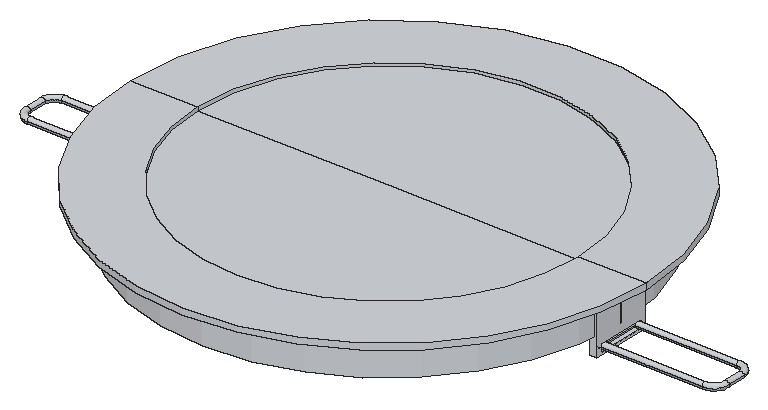
Revit family "0053952", category Lighting Fixtures, host Face, Revit 2017
Family settings
  Host = Face
  Round Connector Dimension = Use Diameter
  Part Type = Normal
  OmniClass Number = 23.80.70.00
  OmniClass Title = Lighting
  Cut with Voids When Loaded = No
  Light Source = Yes
  Shared = No
  Room Calculation Point = No
Parameters (values of type "0053952 SYLFLAT 155 IP44 1000LM 830 DIM")
  Weight = "3.27 kg"
  Wattage Comments = ""
  Wattage = 12 W
  WarrantyStartDate [instance] = "n/a"
  WarrantyGuarantorParts = "n/a"
  WarrantyDurationUnit = "n/a"
  WarrantyDurationParts = "n/a"
  WarrantyDescription = "n/a"
  built-in parameter 1150110 = 1 (stored number, unit not read)
  Voltage = 0 V
  URL = "http://www.sylvania-lighting.com"
  TypeName = "Sylflat 155 IP44 1000lm 830 DIM"
  Type Image = <None>
  Type Comments = "n/a"
  built-in parameter 1114217 = 1 (stored number, unit not read)
  Tilt Angle = -90.00°
  built-in parameter 1150109 = 1 (stored number, unit not read)
  built-in parameter 1150134 = (empty or 0)
  built-in parameter 1150113 = 1 (stored number, unit not read)
  SerialNumber [instance] = "n/a"
  SIZE_203_SYL = 0
  SIZE_155_SYL = 1
  R_DIFF_SYL = if(SIZE_155_SYL = 1, 63.5 mm, if(SIZE_203_SYL = 1, 86.5 mm, 40 mm))  # 63.5 mm
  R2_SYL = if(SIZE_155_SYL = 1, 77.5 mm, if(SIZE_203_SYL = 1, 101.5 mm, 52.5 mm))  # 77.5 mm
  R1_SYL = if(SIZE_155_SYL = 1, 86 mm, if(SIZE_203_SYL = 1, 113 mm, 60 mm))  # 86 mm
  Photometric Web File = "0053952.ies"
  LUM_HEIGHT_SYL = 15 mm - CHAMF_SYL  # 14 mm
  CLIP_SYL = 10 mm
  CLIP_HOLE_SYL = 2.5 mm
  CLIP_HOLE_HE_SYL = 8.5 mm
  CLIP_D_SYL = R2_SYL - 2.5 mm  # 75 mm
  CLIP_DIST_SYL = R2_SYL - 2.5 mm  # 75 mm
  CLIP_CUTOUT_SYL = 19 mm
  CHAMF_SYL = 1 mm
  Material_3_SYL = none
  PowerFactor = 0.9
  PowerConsumption = "12 W"
  NominalLength = 172 mm
  NominalHeight = 21 mm
  NominalDepth = 172 mm
  Name = "Sylflat 155 IP44 1000lm 830 DIM"
  ModelReference = Name  # "Sylflat 155 IP44 1000lm 830 DIM"
  ModelNumber = "0053952"
  Model = Name  # "Sylflat 155 IP44 1000lm 830 DIM"
  Material = "aluminium housing, other diffuser"
  ManufacturerName = "Feilo Sylvania"
  Manufacturer = "Feilo Sylvania"
  LuminousEfficacy = "83 lm/W"
  built-in parameter 1150105 = 79.259 (stored number, unit not read)
  Lumens = 996 lm
  LuminaireType = ""
  built-in parameter 1150115 = 1 (stored number, unit not read)
  LightOutputRatio = "n/a"
  built-in parameter 1150137 = (empty or 0)
  built-in parameter 1150139 = (empty or 0)
  LampsType = Lamp  # "LED"
  LampNominalLuminous = "1000 lm"
  LampMacAdamStep = "3"
  LampColourTemperature = "3000 K"
  LampColourRenderingIndex = "80"
  built-in parameter 1150112 = 1 (stored number, unit not read)
  built-in parameter 1150114 = 1 (stored number, unit not read)
  Lamp = "LED"
  Keynote = "16500"
  InstallationDate [instance] = "n/a"
  InputVoltage = "n/a"
  InputNominalFrequency = "n/a"
  built-in parameter 1150132 = (empty or 0)
  built-in parameter 1150102 = (empty or 0)
  built-in parameter 1150107 = 3000 (stored number, unit not read)
  built-in parameter 1150138 = (empty or 0)
  IngressProtection = "IP44/20"
  ImpactProtectionIndex = "IK06"
  built-in parameter 1150106 = 0.79259 (stored number, unit not read)
  IfcExportType = "IfcLightFixtureType"
  IfcExportAs = "IfcLightFixtureType"
  Emit from Circle Diameter = 609.6 mm
  Emit Shape Visible in Rendering = no
  ElectricShockClassification = "Class II"
  built-in parameter 1150104 = 7.711 (stored number, unit not read)
  DocumentationLiterature = "http://www.sylvania-lighting.com/product/en-int/products/0053952"
  DimmingControlOptions = "n/a"
  Material_2_SYL = none
  Dimming Lamp Color Temperature Shift = <None>
  Description = "Sylflat DIM is an integrated LED recessed downlight with separated phase dimmable driver; 12W; 1000Lm; 83Lm/W; 3000K; IP44 rated from the front; 50,000hrs (L70B50)."
  Default Elevation = 1219.2 mm
  CreatedOn = "8/6/2020"
  CreatedBy = "@sylvania-lighting.com"
  Cost = 0
  Color Filter = 16777215
  built-in parameter 1114216 [instance] = (empty or 0)
  ClassificationValue = "EF_70_80"
  ClassificationName = "Uniclass2015"
  Material_1_SYL = none
  CHAMF_2_SYL = 1 mm
  BarCode [instance] = "n/a"
  built-in parameter 1114218 = 1 (stored number, unit not read)
  built-in parameter 1150133 = 10 (stored number, unit not read)
  AssetType = "Fixed"
  AssetIdentifier [instance] = "n/a"
  Assembly Code = "D5020200"
  Apparent Load = 12 VA
  Material_4_SYL = none
Types (17, lengths in mm): name | Weight | Wattage | TypeName | built-in parameter 1150134 | SIZE_203_SYL | SIZE_155_SYL | R_DIFF_SYL | R2_SYL | R1_SYL | Photometric Web File | CLIP_D_SYL | CLIP_DIST_SYL | PowerFactor | PowerConsumption | NominalLength | NominalHeight | NominalDepth | Name | ModelReference | ModelNumber | Model | Material | LuminousEfficacy | built-in parameter 1150105 | Lumens | LampNominalLuminous | LampMacAdamStep | LampColourTemperature | built-in parameter 1150107 | built-in parameter 1150106 | built-in parameter 1150104 | DocumentationLiterature | Description | Apparent Load
  0053988 SYLFLAT 105 IP44 550LM 830 DIM | "3.555 kg" | 7 W | "Sylflat 105 IP44 550lm 830 DIM" | (empty or 0) | 0 | 1 | 63.5 | 77.5 | 86 | "0053988.ies" | 75 | 75 | 0 | "7 W" | 0 | 0 | 0 | "Sylflat 105 IP44 550lm 830 DIM" | "Sylflat 105 IP44 550lm 830 DIM" | "53988" | "Sylflat 105 IP44 550lm 830 DIM" | "n/a" | "78.57 lm/W" | 43.768 (stored number, unit not read) | 550 lm | "550 lm" | "3" | "3000 K" | 3000 (stored number, unit not read) | 0.43768 (stored number, unit not read) | 7.2995 (stored number, unit not read) | "http://www.sylvania-lighting.com/product/en-int/products/0053988" | "Sylflat DIM is an integrated LED recessed downlight with separated phase dimmable driver; 7W; 550Lm; 79Lm/W; 3000K; IP44 rated from the front; 50,000hrs (L70B50)." | 7 VA
  0053957 SYLFLAT 205 IP44 2250LM 840 DIM | "4.57 kg" | 24 W | "Sylflat 205 IP44 2250lm 840 DIM" | 12 | 1 | 0 | 86.5 | 101.5 | 113 | "0053957.ies" | 99 | 99 | 0.9 | "24 W" | 226 | 21 | 226 | "Sylflat 205 IP44 2250lm 840 DIM" | "Sylflat 205 IP44 2250lm 840 DIM" | "53957" | "Sylflat 205 IP44 2250lm 840 DIM" | "n/a" | "103 lm/W" | 196.72 (stored number, unit not read) | 2472 lm | "2250 lm" | "3" | "4000 K" | 4000 (stored number, unit not read) | 1.9672 (stored number, unit not read) | 9.569 (stored number, unit not read) | "http://www.sylvania-lighting.com/product/en-int/products/0053957" | "Sylflat DIM is an integrated LED recessed downlight with separated phase dimmable driver; 24W; 2250Lm; 103Lm/W; 4000K; IP44 rated from the front; 50,000hrs (L70B50)." | 24 VA
  0053956 SYLFLAT 205 IP44 2200LM 830 DIM | "4.57 kg" | 24 W | "Sylflat 205 IP44 2200lm 830 DIM" | (empty or 0) | 1 | 0 | 86.5 | 101.5 | 113 | "0053956.ies" | 99 | 99 | 0.9 | "24 W" | 226 | 21 | 226 | "Sylflat 205 IP44 2200lm 830 DIM" | "Sylflat 205 IP44 2200lm 830 DIM" | "53956" | "Sylflat 205 IP44 2200lm 830 DIM" | "n/a" | "100 lm/W" | 190.99 (stored number, unit not read) | 2400 lm | "2200 lm" | "3" | "3000 K" | 3000 (stored number, unit not read) | 1.9099 (stored number, unit not read) | 9.2903 (stored number, unit not read) | "http://www.sylvania-lighting.com/product/en-int/products/0053956" | "Sylflat DIM is an integrated LED recessed downlight with separated phase dimmable driver; 24W; 2200Lm; 100Lm/W; 3000K; IP44 rated from the front; 50,000hrs (L70B50)." | 24 VA
  0053955 SYLFLAT 205 IP44 1750LM 840 DIM | "4.57 kg" | 17 W | "Sylflat 205 IP44 1750lm 840 DIM" | 12 | 1 | 0 | 86.5 | 101.5 | 113 | "0053955.ies" | 99 | 99 | 0.9 | "17 W" | 226 | 21 | 226 | "Sylflat 205 IP44 1750lm 840 DIM" | "Sylflat 205 IP44 1750lm 840 DIM" | "53955" | "Sylflat 205 IP44 1750lm 840 DIM" | "aluminium housing, other diffuser" | "103 lm/W" | 139.34 (stored number, unit not read) | 1751 lm | "1750 lm" | "3" | "4000 K" | 4000 (stored number, unit not read) | 1.3934 (stored number, unit not read) | 9.569 (stored number, unit not read) | "http://www.sylvania-lighting.com/product/en-int/products/0053955" | "Sylflat DIM is an integrated LED recessed downlight with separated phase dimmable driver; 17W; 1750Lm; 103Lm/W; 4000K; IP44 rated from the front; 50,000hrs (L70B50)." | 17 VA
  0053954 SYLFLAT 205 IP44 1550LM 830 DIM | "4.57 kg" | 17 W | "Sylflat 205 IP44 1550lm 830 DIM" | (empty or 0) | 1 | 0 | 86.5 | 101.5 | 113 | "0053954.ies" | 99 | 99 | 0.9 | "17 W" | 226 | 21 | 226 | "Sylflat 205 IP44 1550lm 830 DIM" | "Sylflat 205 IP44 1550lm 830 DIM" | "53954" | "Sylflat 205 IP44 1550lm 830 DIM" | "aluminium housing, other diffuser" | "91 lm/W" | 123.11 (stored number, unit not read) | 1547 lm | "1550 lm" | "3" | "3000 K" | 3000 (stored number, unit not read) | 1.2311 (stored number, unit not read) | 8.4542 (stored number, unit not read) | "http://www.sylvania-lighting.com/product/en-int/products/0053954" | "Sylflat DIM is an integrated LED recessed downlight with separated phase dimmable driver; 17W; 1550Lm; 91Lm/W; 3000K; IP44 rated from the front; 50,000hrs (L70B50)." | 17 VA
  0053953 SYLFLAT 155 IP44 1100LM 840 DIM | "3.27 kg" | 12 W | "Sylflat 155 IP44 1100lm 840 DIM" | 12 | 0 | 1 | 63.5 | 77.5 | 86 | "0053953.ies" | 75 | 75 | 0.9 | "12 W" | 172 | 21 | 172 | "Sylflat 155 IP44 1100lm 840 DIM" | "Sylflat 155 IP44 1100lm 840 DIM" | "53953" | "Sylflat 155 IP44 1100lm 840 DIM" | "aluminium housing, other diffuser" | "92 lm/W" | 87.854 (stored number, unit not read) | 1104 lm | "1100 lm" | "3" | "4000 K" | 4000 (stored number, unit not read) | 0.87854 (stored number, unit not read) | 8.5471 (stored number, unit not read) | "http://www.sylvania-lighting.com/product/en-int/products/0053953" | "Sylflat DIM is an integrated LED recessed downlight with separated phase dimmable driver; 12W; 1100Lm; 92Lm/W; 4000K; IP44 rated from the front; 50,000hrs (L70B50)." | 12 VA
  0053952 SYLFLAT 155 IP44 1000LM 830 DIM | "3.27 kg" | 12 W | "Sylflat 155 IP44 1000lm 830 DIM" | (empty or 0) | 0 | 1 | 63.5 | 77.5 | 86 | "0053952.ies" | 75 | 75 | 0.9 | "12 W" | 172 | 21 | 172 | "Sylflat 155 IP44 1000lm 830 DIM" | "Sylflat 155 IP44 1000lm 830 DIM" | "0053952" | "Sylflat 155 IP44 1000lm 830 DIM" | "aluminium housing, other diffuser" | "83 lm/W" | 79.259 (stored number, unit not read) | 996 lm | "1000 lm" | "3" | "3000 K" | 3000 (stored number, unit not read) | 0.79259 (stored number, unit not read) | 7.711 (stored number, unit not read) | "http://www.sylvania-lighting.com/product/en-int/products/0053952" | "Sylflat DIM is an integrated LED recessed downlight with separated phase dimmable driver; 12W; 1000Lm; 83Lm/W; 3000K; IP44 rated from the front; 50,000hrs (L70B50)." | 12 VA
  0053951 ST E DOWNLIGHT FLT 205 IP44 2200 865 DIM | "4.57 kg" | 24 W | "START eco Downlight Flat 205 IP44 2200lm 865 DIM" | 1 | 1 | 0 | 86.5 | 101.5 | 113 | "0053951.ies" | 99 | 99 | 0.9 | "24 W" | 226 | 21 | 226 | "START eco Downlight Flat 205 IP44 2200lm 865 DIM" | "START eco Downlight Flat 205 IP44 2200lm 865 DIM" | "53951" | "START eco Downlight Flat 205 IP44 2200lm 865 DIM" | "n/a" | "92 lm/W" | 175.71 (stored number, unit not read) | 2208 lm | "2200 lm" | "5" | "6500 K" | 6500 (stored number, unit not read) | 1.7571 (stored number, unit not read) | 8.5471 (stored number, unit not read) | "http://www.sylvania-lighting.com/product/en-int/products/0053951" | "START eco Downlight Flat IP44 DIM is an integrated LED recessed downlight with separated phase dimmable driver; 24W; 2200Lm; 92Lm/W; 6500K; IP44 rated from the front; 30,000hrs (L70B50)." | 24 VA
  0053950 ST E DOWNLIGHT FLT 205 IP44 1700 865 DIM | "4.57 kg" | 17 W | "START eco Downlight Flat 205 IP44 1700lm 865 DIM" | 1 | 1 | 0 | 86.5 | 101.5 | 113 | "0053950.ies" | 99 | 99 | 0.9 | "17 W" | 226 | 21 | 226 | "START eco Downlight Flat 205 IP44 1700lm 865 DIM" | "START eco Downlight Flat 205 IP44 1700lm 865 DIM" | "53950" | "START eco Downlight Flat 205 IP44 1700lm 865 DIM" | "aluminium housing, other diffuser" | "100 lm/W" | 135.28 (stored number, unit not read) | 1700 lm | "1700 lm" | "5" | "6500 K" | 6500 (stored number, unit not read) | 1.3528 (stored number, unit not read) | 9.2903 (stored number, unit not read) | "http://www.sylvania-lighting.com/product/en-int/products/0053950" | "START eco Downlight Flat IP44 DIM is an integrated LED recessed downlight with separated phase dimmable driver; 17W; 1700Lm; 100Lm/W; 6500K; IP44 rated from the front; 30,000hrs (L70B50)." | 17 VA
  0053949 ST E DOWNLIGHT FLT 155 IP44 1100 865 DIM | "3.27 kg" | 12 W | "START eco Downlight Flat 155 IP44 1100lm 865 DIM" | 1 | 0 | 1 | 63.5 | 77.5 | 86 | "0053949.ies" | 75 | 75 | 0.9 | "12 W" | 172 | 21 | 172 | "START eco Downlight Flat 155 IP44 1100lm 865 DIM" | "START eco Downlight Flat 155 IP44 1100lm 865 DIM" | "53949" | "START eco Downlight Flat 155 IP44 1100lm 865 DIM" | "aluminium housing, other diffuser" | "92 lm/W" | 87.854 (stored number, unit not read) | 1104 lm | "1100 lm" | "5" | "6500 K" | 6500 (stored number, unit not read) | 0.87854 (stored number, unit not read) | 8.5471 (stored number, unit not read) | "http://www.sylvania-lighting.com/product/en-int/products/0053949" | "START eco Downlight Flat IP44 DIM is an integrated LED recessed downlight with separated phase dimmable driver; 12W; 1100Lm; 92Lm/W; 6500K; IP44 rated from the front; 30,000hrs (L70B50)." | 12 VA
  0053944 ST E DOWNLIGHT FLT 205 IP44 2250 840 DIM | "4.57 kg" | 24 W | "START eco Downlight Flat 205 IP44 2250lm 840 DIM" | 12 | 1 | 0 | 86.5 | 101.5 | 113 | "0053944.ies" | 99 | 99 | 0.9 | "24 W" | 226 | 21 | 226 | "START eco Downlight Flat 205 IP44 2250lm 840 DIM" | "START eco Downlight Flat 205 IP44 2250lm 840 DIM" | "53944" | "START eco Downlight Flat 205 IP44 2250lm 840 DIM" | "n/a" | "94 lm/W" | 179.53 (stored number, unit not read) | 2256 lm | "2250 lm" | "5" | "4000 K" | 4000 (stored number, unit not read) | 1.7953 (stored number, unit not read) | 8.7329 (stored number, unit not read) | "http://www.sylvania-lighting.com/product/en-int/products/0053944" | "START eco Downlight Flat IP44 DIM is an integrated LED recessed downlight with separated phase dimmable driver; 24W; 2250Lm; 94Lm/W; 4000K; IP44 rated from the front; 30,000hrs (L70B50)." | 24 VA
  0053942 ST E DOWNLIGHT FLT 205 IP44 1750 840 DIM | "4.57 kg" | 17 W | "START eco Downlight Flat 205 IP44 1750lm 840 DIM" | 12 | 1 | 0 | 86.5 | 101.5 | 113 | "0053942.ies" | 99 | 99 | 0.9 | "17 W" | 226 | 21 | 226 | "START eco Downlight Flat 205 IP44 1750lm 840 DIM" | "START eco Downlight Flat 205 IP44 1750lm 840 DIM" | "53942" | "START eco Downlight Flat 205 IP44 1750lm 840 DIM" | "aluminium housing, other diffuser" | "103 lm/W" | 139.34 (stored number, unit not read) | 1751 lm | "1750 lm" | "5" | "4000 K" | 4000 (stored number, unit not read) | 1.3934 (stored number, unit not read) | 9.569 (stored number, unit not read) | "http://www.sylvania-lighting.com/product/en-int/products/0053942" | "START eco Downlight Flat IP44 DIM is an integrated LED recessed downlight with separated phase dimmable driver; 17W; 1750Lm; 103Lm/W; 4000K; IP44 rated from the front; 30,000hrs (L70B50)." | 17 VA
  0053941 ST E DOWNLIGHT FLT 155 IP44 1100 840 DIM | "3.27 kg" | 12 W | "START eco Downlight Flat 155 IP44 1100lm 840 DIM" | 12 | 0 | 1 | 63.5 | 77.5 | 86 | "0053941.ies" | 75 | 75 | 0.9 | "12 W" | 172 | 21 | 172 | "START eco Downlight Flat 155 IP44 1100lm 840 DIM" | "START eco Downlight Flat 155 IP44 1100lm 840 DIM" | "53941" | "START eco Downlight Flat 155 IP44 1100lm 840 DIM" | "aluminium housing, other diffuser" | "92 lm/W" | 87.854 (stored number, unit not read) | 1104 lm | "1100 lm" | "5" | "4000 K" | 4000 (stored number, unit not read) | 0.87854 (stored number, unit not read) | 8.5471 (stored number, unit not read) | "http://www.sylvania-lighting.com/product/en-int/products/0053941" | "START eco Downlight Flat IP44 DIM is an integrated LED recessed downlight with separated phase dimmable driver; 12W; 1100Lm; 92Lm/W; 4000K; IP44 rated from the front; 30,000hrs (L70B50)." | 12 VA
  0053940 ST E DOWNLIGHT FLT 205 IP44 2200 830 DIM | "4.57 kg" | 24 W | "START eco Downlight Flat 205 IP44 2200lm 830 DIM" | (empty or 0) | 1 | 0 | 86.5 | 101.5 | 113 | "0053940.ies" | 99 | 99 | 0.9 | "24 W" | 226 | 21 | 226 | "START eco Downlight Flat 205 IP44 2200lm 830 DIM" | "START eco Downlight Flat 205 IP44 2200lm 830 DIM" | "53940" | "START eco Downlight Flat 205 IP44 2200lm 830 DIM" | "n/a" | "92 lm/W" | 175.71 (stored number, unit not read) | 2208 lm | "2200 lm" | "5" | "3000 K" | 3000 (stored number, unit not read) | 1.7571 (stored number, unit not read) | 8.5471 (stored number, unit not read) | "http://www.sylvania-lighting.com/product/en-int/products/0053940" | "START eco Downlight Flat IP44 DIM is an integrated LED recessed downlight with separated phase dimmable driver; 24W; 2200Lm; 92Lm/W; 3000K; IP44 rated from the front; 30,000hrs (L70B50)." | 24 VA
  0053938 ST E DOWNLIGHT FLT 205 IP44 1550 830 DIM | "4.57 kg" | 17 W | "START eco Downlight Flat 205 IP44 1550lm 830 DIM" | (empty or 0) | 1 | 0 | 86.5 | 101.5 | 113 | "0053938.ies" | 99 | 99 | 0.9 | "17 W" | 226 | 21 | 226 | "START eco Downlight Flat 205 IP44 1550lm 830 DIM" | "START eco Downlight Flat 205 IP44 1550lm 830 DIM" | "53938" | "START eco Downlight Flat 205 IP44 1550lm 830 DIM" | "aluminium housing, other diffuser" | "91 lm/W" | 123.11 (stored number, unit not read) | 1547 lm | "1550 lm" | "5" | "3000 K" | 3000 (stored number, unit not read) | 1.2311 (stored number, unit not read) | 8.4542 (stored number, unit not read) | "http://www.sylvania-lighting.com/product/en-int/products/0053938" | "START eco Downlight Flat IP44 DIM is an integrated LED recessed downlight with separated phase dimmable driver; 17W; 1550Lm; 91Lm/W; 3000K; IP44 rated from the front; 30,000hrs (L70B50)." | 17 VA
  0053937 ST E DOWNLIGHT FLT 155 IP44 1000 830 DIM | "3.27 kg" | 12 W | "START eco Downlight Flat 155 IP44 1000lm 830 DIM" | (empty or 0) | 0 | 1 | 63.5 | 77.5 | 86 | "0053937.ies" | 75 | 75 | 0.9 | "12 W" | 172 | 21 | 172 | "START eco Downlight Flat 155 IP44 1000lm 830 DIM" | "START eco Downlight Flat 155 IP44 1000lm 830 DIM" | "53937" | "START eco Downlight Flat 155 IP44 1000lm 830 DIM" | "aluminium housing, other diffuser" | "83 lm/W" | 79.259 (stored number, unit not read) | 996 lm | "1000 lm" | "5" | "3000 K" | 3000 (stored number, unit not read) | 0.79259 (stored number, unit not read) | 7.711 (stored number, unit not read) | "http://www.sylvania-lighting.com/product/en-int/products/0053937" | "START eco Downlight Flat IP44 DIM is an integrated LED recessed downlight with separated phase dimmable driver; 12W; 1000Lm; 83Lm/W; 3000K; IP44 rated from the front; 30,000hrs (L70B50)." | 12 VA
  0053989 SYLFLAT 105 IP44 600LM 840 DIM | "3.555 kg" | 7 W | "Sylflat 105 IP44 600lm 840 DIM" | 12 | 0 | 1 | 63.5 | 77.5 | 86 | "0053989.ies" | 75 | 75 | 0 | "7 W" | 0 | 0 | 0 | "Sylflat 105 IP44 600lm 840 DIM" | "Sylflat 105 IP44 600lm 840 DIM" | "53989" | "Sylflat 105 IP44 600lm 840 DIM" | "n/a" | "85.71 lm/W" | 47.746 (stored number, unit not read) | 600 lm | "600 lm" | "3" | "4000 K" | 4000 (stored number, unit not read) | 0.47746 (stored number, unit not read) | 7.9631 (stored number, unit not read) | "http://www.sylvania-lighting.com/product/en-int/products/0053989" | "Sylflat DIM is an integrated LED recessed downlight with separated phase dimmable driver; 7W; 600Lm; 86Lm/W; 4000K; IP44 rated from the front; 50,000hrs (L70B50)." | 7 VA
Reference planes
  plane 1 "Center (Front/Back)": y = 0
  plane 2: z = 0
  plane 3 "Center (Left/Right)": x = 0
  plane 4: z = 1
  plane 5: z = -1
  plane 6: z = -14
  plane 7: x = 86
  plane 8: x = 63.5
  plane 9: x = 77.5
  plane 10: x = 0
  plane 11: x = -96
  plane 12: x = -77.5
  plane 13: y = 10
  plane 14: y = -10
  plane 15: x = 75
  plane 16: z = -19
  plane 17: z = -16.5
  plane 18: y = -8.5
  plane 19: y = 8.5
  plane 20: x = -75
Forms (mm)
  Revolve 1, solid
    sketch origin (0, 0, 0) x (1, 0, 0) y (0, 0, 1)
      loop
        line (0, 0) -> (0, -14) -> (77.5, -14) -> (77.5, -1) -> (86, -1) -> (86, 1) -> (63.5, 1) -> (63.5, 0) -> (0, 0)
      axis (0, 1) -> (0, -14)
    angle from 360 to 0
  Extrusion 2, solid
    sketch origin (0, 0, 0) x (1, 0, 0) y (0, 1, 0)
      loop
        line (75, 10) -> (75, -10) -> (77.5, -10) -> (77.5, 10) -> (75, 10)
      loop
        line (-75, 10) -> (-77.5, 10) -> (-77.5, -10) -> (-75, -10) -> (-75, 10)
    from -20 to -1
  Extrusion 3, void
    sketch origin (319, 1524, 1219.2) x (0, 1, 0) y (0, 0, 1)
      loop
        line (-1515.5, -1238.2) -> (-1515.5, -1235.7) -> (-1532.5, -1235.7) -> (-1532.5, -1238.2) -> (-1515.5, -1238.2)
    from -440.059 to 10
  Sweep 4, solid
    path origin (-31.995, -2.046, -2.165) x (1, 0, 0) y (0, 1, 0)
      loop
        arc (-82, 9.306) -> (-84.828, 8.135) -> (-86, 5.306) r 4
        line (-86, 5.306) -> (-86, -0.922)
        arc (-86, -0.922) -> (-84.828, -3.75) -> (-82, -4.922) r 4
        line (-82, -4.922) -> (-44, -4.922) -> (-44, 9.306) -> (-82, 9.306)
    profile origin (-94.995, 7.26, -2.165) x (0, 1, 0) y (0, 0, 1)
      loop
        circle (0, -15.572) r 0.967
  Sweep 5, solid
    path origin (31.995, -2.046, -2.165) x (-1, 0, 0) y (0, -1, 0)
      loop
        line (-79, -9.306) -> (-44, -9.306) -> (-44, 4.922) -> (-79, 4.922)
        arc (-79, 4.922) -> (-81.828, 3.75) -> (-83, 0.922) r 4
        line (-83, 0.922) -> (-83, -5.306)
        arc (-83, -5.306) -> (-81.828, -8.135) -> (-79, -9.306) r 4
    profile origin (93.495, 7.26, -2.165) x (0, -1, 0) y (0, 0, 1)
      loop
        circle (0, -15.572) r 0.967
Cuts and joins
  Extrusion 3 cuts Extrusion 2
Dimensions and locks
  "LUM_HEIGHT_SYL": host face to plane 6
  "CHAMF_2_SYL": host face to plane 5
  "CHAMF_SYL": plane 4 to host face
  "R_DIFF_SYL": plane 8 to plane 3 "Center (Left/Right)"
  "R2_SYL": plane 3 "Center (Left/Right)" to plane 9
  "R1_SYL": plane 7 to plane 3 "Center (Left/Right)"
  "CLIP_SYL": plane 14 to plane 1 "Center (Front/Back)" to plane 13
  "CLIP_D_SYL": plane 10 to plane 15
  "R2_SYL": plane 10 to plane 9
  "CLIP_CUTOUT_SYL": host face to plane 16
  "CLIP_HOLE_SYL": plane 17 to plane 16
  "CLIP_HOLE_HE_SYL": plane 19 to plane 1 "Center (Front/Back)" to plane 18
  "R2_SYL": plane 12 to plane 10
  "CLIP_D_SYL": plane 20 to plane 3 "Center (Left/Right)"
  aligned and locked: plane 2 to host face
  aligned and locked: level to host face
  aligned and locked: Revolve 1 sketch curve to plane 3 "Center (Left/Right)"
  aligned and locked: plane 13 to Extrusion 2 sketch curve
  aligned and locked: Extrusion 2 sketch curve to plane 15
  aligned and locked: Extrusion 2 sketch curve to plane 14
  aligned and locked: plane 9 to Extrusion 2 sketch curve
  aligned and locked: Extrusion 3 sketch curve to plane 16
  aligned and locked: plane 19 to Extrusion 3 sketch curve
  aligned and locked: Extrusion 3 sketch curve to plane 17
  aligned and locked: Extrusion 3 sketch curve to plane 18
  aligned and locked: Extrusion 2 sketch curve to plane 13
  aligned and locked: Extrusion 2 sketch curve to plane 20
  aligned and locked: plane 14 to Extrusion 2 sketch curve
  aligned and locked: plane 12 to Extrusion 2 sketch curve
Automatic sketch dimensions
  host sketch curve to host sketch curve = 2438.4 mm  (x2)
  Revolve 1 sketch curve to level = 0 mm
  Revolve 1 sketch curve to plane 3 "Center (Left/Right)" = 0 mm
  plane 8 to Revolve 1 sketch curve = 0 mm
  Revolve 1 sketch curve to plane 6 = 0 mm
  plane 9 to Revolve 1 sketch curve = 0 mm
  Revolve 1 sketch curve to plane 5 = 0 mm
  plane 7 to Revolve 1 sketch curve = 0 mm
  Revolve 1 sketch curve to plane 4 = 0 mm
  Revolve 1 sketch curve to plane 16 = 584.6 mm
  Revolve 1 sketch curve to plane 4 = 2608.058 mm
  plane 1 "Center (Front/Back)" to Sweep 4 sketch curve = 2.968 mm
  plane 12 to Sweep 4 sketch curve = 40.495 mm
  Sweep 4 sketch curve to plane 18 = 1.532 mm
  Sweep 4 sketch curve to Sweep 4 sketch curve = 4 mm
  plane 20 to Sweep 4 sketch curve = 0.995 mm
  Sweep 4 sketch curve to plane 1 "Center (Front/Back)" = 3.26 mm
  Sweep 4 sketch curve to profile plane = 0 mm
  Sweep 4 sketch curve to profile plane = 15.572 mm
  plane 1 "Center (Front/Back)" to Sweep 5 sketch curve = 2.968 mm
  Sweep 5 sketch curve to plane 7 = 28.995 mm
  Sweep 5 sketch curve to plane 18 = 1.532 mm
  Sweep 5 sketch curve to Sweep 5 sketch curve = 4 mm
  Sweep 5 sketch curve to plane 15 = 0.995 mm
  Sweep 5 sketch curve to plane 1 "Center (Front/Back)" = 3.26 mm
  Sweep 5 sketch curve to profile plane = 0 mm
  Sweep 5 sketch curve to profile plane = 15.572 mm
  radius of Sweep 4 sketch curve = 0.967 mm
  radius of Sweep 5 sketch curve = 0.967 mm
